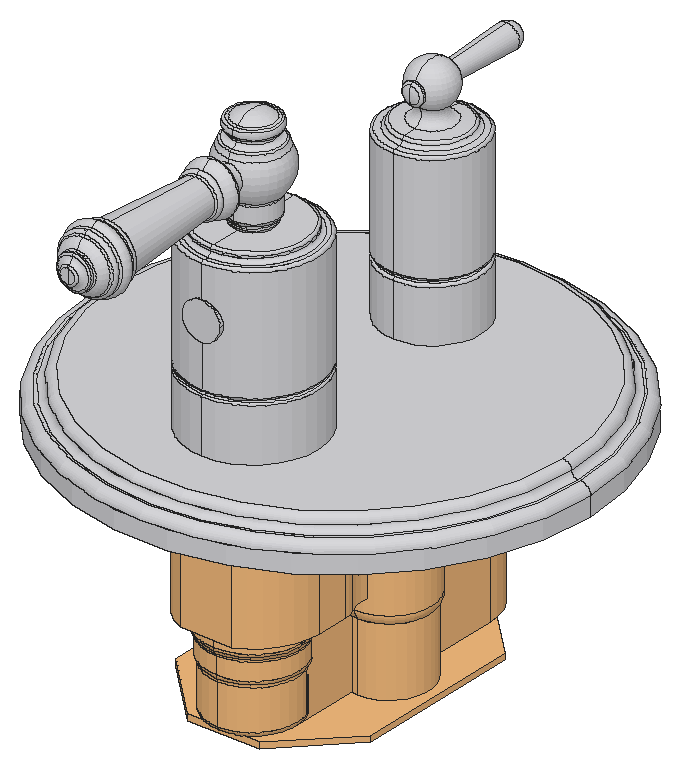
Revit family "Shower-Valve_Trim-KOHLER-ARTIFACTS-C72819W", category Plumbing Fixtures, host Face, Revit 2017 (continued)
Definition of nested family "C72819W"
  Lines and regions (in)
    symbolic lines, detail levels medium+fine
      curve 85: line (0.90625, 0, 0.59247) -> (-0.90625, 0, 0.59247)
      curve 86: line (0.90625, 0, 1.33652) -> (-0.90625, 0, 1.33652)
      curve 87: line (0.81768, 0, 1.35641) -> (-0.81768, 0, 1.35641)
      curve 88: line (0.81768, 0, 1.4036) -> (0.5894, 0, 1.4036)
      curve 89: line (0.90625, 0, 1.42354) -> (-0.90625, 0, 1.42354)
      curve 90: line (0.90625, 0, 3.01961) -> (0.523, 0, 3.01961)
      curve 91: line (0.80245, 0, 3.0572) -> (0.50541, 0, 3.0572)
      curve 92: line (0.7484, 0, 3.11124) -> (0.23949, 0, 3.11124)
      curve 93: line (0.7484, 0, 3.14238) -> (0.21116, 0, 3.14238)
      curve 94: line (0.27091, 0, 3.17531) -> (0.19567, 0, 3.17531)
      curve 95: circle (0, 0, 3.53543) r 0.17864 normal (0, -1, 0)
      curve 96: line (0.6875, 0, 0.59247) -> (0.6875, 0, 1.33652)
      curve 97: line (0.5894, 0, 1.40759) -> (0.67165, 0, 1.40759)
      curve 98: line (0.6875, 0, 1.42344) -> (0.6875, 0, 2.93035)
      curve 99: line (0.5894, 0, 1.40759) -> (0.5894, 0, 1.35641)
      curve 100: arc (0.67165, 0, 1.40759) -> (0.68286, 0, 1.41223) -> (0.6875, 0, 1.42344) r 0.01585
      curve 101: line (0.65594, 0, 2.96705) -> (0.57008, 0, 2.98006)
      curve 102: line (0.48692, 0, 3.0644) -> (0.30793, 0, 3.08322)
      curve 103: arc (0.6875, 0, 2.93035) -> (0.67853, 0, 2.95455) -> (0.65594, 0, 2.96705) r 0.03712
      curve 104: arc (0.57008, 0, 2.98006) -> (0.54098, 0, 2.99322) -> (0.523, 0, 3.01961) r 0.05899
      curve 105: arc (0.52034, 0, 3.03143) -> (0.51554, 0, 3.04586) -> (0.50541, 0, 3.0572) r 0.03761
      curve 106: arc (0.30793, 0, 3.08322) -> (0.27171, 0, 3.09234) -> (0.23949, 0, 3.11124) r 0.13202
      curve 107: arc (0.23949, 0, 3.11124) -> (0.22407, 0, 3.12568) -> (0.21116, 0, 3.14238) r 0.13202
      curve 108: arc (0.21116, 0, 3.14238) -> (0.19824, 0, 3.16784) -> (0.19109, 0, 3.19548) r 0.13202
      curve 109: arc (0.523, 0, 3.01961) -> (0.52137, 0, 3.02546) -> (0.52034, 0, 3.03143) r 0.05899
      curve 110: arc (0.50541, 0, 3.0572) -> (0.49665, 0, 3.06204) -> (0.48692, 0, 3.0644) r 0.03761
      curve 111: line (-0.6875, 0, 0.59247) -> (-0.6875, 0, 1.33643)
      curve 112: line (-0.5894, 0, 1.40759) -> (-0.67135, 0, 1.40759)
      curve 113: line (-0.6875, 0, 1.42374) -> (-0.6875, 0, 2.93035)
      curve 114: line (-0.5894, 0, 1.40759) -> (-0.5894, 0, 1.35641)
      curve 115: arc (-0.67135, 0, 1.40759) -> (-0.68277, 0, 1.41232) -> (-0.6875, 0, 1.42374) r 0.01615
      curve 116: line (-0.65594, 0, 2.96705) -> (-0.57008, 0, 2.98006)
      curve 117: line (-0.48692, 0, 3.0644) -> (-0.30793, 0, 3.08322)
      curve 118: arc (-0.6875, 0, 2.93035) -> (-0.67853, 0, 2.95455) -> (-0.65594, 0, 2.96705) r 0.03712
      curve 119: arc (-0.57008, 0, 2.98006) -> (-0.54098, 0, 2.99322) -> (-0.523, 0, 3.01961) r 0.05899
      curve 120: arc (-0.52034, 0, 3.03143) -> (-0.51554, 0, 3.04586) -> (-0.50541, 0, 3.0572) r 0.03761
      curve 121: arc (-0.30793, 0, 3.08322) -> (-0.27171, 0, 3.09234) -> (-0.23949, 0, 3.11124) r 0.13202
      curve 122: arc (-0.23949, 0, 3.11124) -> (-0.22407, 0, 3.12568) -> (-0.21116, 0, 3.14238) r 0.13202
      curve 123: arc (-0.21116, 0, 3.14238) -> (-0.20227, 0, 3.15831) -> (-0.19567, 0, 3.17531) r 0.13202
      curve 124: arc (-0.523, 0, 3.01961) -> (-0.52137, 0, 3.02546) -> (-0.52034, 0, 3.03143) r 0.05899
      curve 125: arc (-0.50541, 0, 3.0572) -> (-0.49665, 0, 3.06204) -> (-0.48692, 0, 3.0644) r 0.03761
      curve 126: line (0.5894, 0, 1.40759) -> (-0.5894, 0, 1.40759)
      curve 127: line (-0.81768, 0, 1.4036) -> (-0.5894, 0, 1.4036)
      curve 128: line (-0.90625, 0, 3.01961) -> (-0.523, 0, 3.01961)
      curve 129: line (-0.80245, 0, 3.0572) -> (-0.50541, 0, 3.0572)
      curve 130: line (-0.7484, 0, 3.11124) -> (-0.23949, 0, 3.11124)
      curve 131: line (-0.7484, 0, 3.14238) -> (-0.21116, 0, 3.14238)
      curve 132: line (0.3065, 0, 4.48586) -> (-0.3065, 0, 4.48586)
      curve 133: line (0.32752, 0, 4.35413) -> (-0.32752, 0, 4.35413)
      curve 134: line (0.37527, 0, 4.23542) -> (-0.37527, 0, 4.23542)
      curve 135: line (0.34057, 0, 3.3095) -> (0.23004, 0, 3.3095)
      curve 136: line (-0.34057, 0, 3.3095) -> (-0.23004, 0, 3.3095)
      curve 137: line (-0.27091, 0, 3.17531) -> (-0.19567, 0, 3.17531)
      curve 138: line (0.6875, 0, 2.93035) -> (-0.6875, 0, 2.93035)
      curve 139: line (0.57008, 0, 2.98006) -> (-0.57008, 0, 2.98006)
      curve 140: line (0.52034, 0, 3.03143) -> (-0.52034, 0, 3.03143)
      curve 141: line (0.30793, 0, 3.08322) -> (-0.30793, 0, 3.08322)
      curve 142: line (0.8075, 0, -3.01252) -> (0.8075, 0, -0.86614)
      curve 143: line (0.74744, 0, -0.62446) -> (0.74744, 0, -0.86614)
      curve 144: spline (0.78893, 0, -0.57006) -> (0.7844, 0, -0.57247) -> (0.77997, 0, -0.57534) -> (0.77568, 0, -0.57867) -> (0.77155, 0, -0.58243) -> (0.76761, 0, -0.5866) -> (0.76389, 0, -0.59115) -> (0.76041, 0, -0.59604) -> (0.7572, 0, -0.60124) -> (0.75428, 0, -0.60673) -> (0.75167, 0, -0.61245) -> (0.74938, 0, -0.61838) -> (0.74744, 0, -0.62446)
      curve 145: line (0.78893, 0, -0.57006) -> (0.6875, 0, -0.57006)
      curve 146: line (0.31178, 0, -3.01252) -> (0.31178, 0, -0.86614)
      curve 147: line (0.8075, 0, -0.86614) -> (-0.8075, 0, -0.86614)
      curve 148: line (-1.24302, 0, -3.01252) -> (1.24302, 0, -3.01252)
      curve 149: line (1.2936, 0, -1.22986) -> (0.8075, 0, -1.22986)
      curve 150: line (1.24302, 0, -2.04881) -> (0.8075, 0, -2.04881)
      curve 151: line (0.6875, 0, -0.86614) -> (0.6875, 0, -0.08678)
      curve 152: line (0.73605, 0, -0.54415) -> (0.6875, 0, -0.54415)
      curve 153: line (0.74252, 0, -0.4529) -> (0.6875, 0, -0.4529)
      curve 154: line (-0.8075, 0, -3.01252) -> (-0.8075, 0, -0.86614)
      curve 155: line (-0.74744, 0, -0.62446) -> (-0.74744, 0, -0.86614)
      curve 156: spline (-0.78893, 0, -0.57006) -> (-0.7844, 0, -0.57247) -> (-0.77997, 0, -0.57534) -> (-0.77568, 0, -0.57867) -> (-0.77155, 0, -0.58243) -> (-0.76761, 0, -0.5866) -> (-0.76389, 0, -0.59115) -> (-0.76041, 0, -0.59604) -> (-0.7572, 0, -0.60124) -> (-0.75428, 0, -0.60673) -> (-0.75167, 0, -0.61245) -> (-0.74938, 0, -0.61838) -> (-0.74744, 0, -0.62446)
      curve 157: line (-0.78893, 0, -0.57006) -> (-0.6875, 0, -0.57006)
      curve 158: line (-0.31178, 0, -3.01252) -> (-0.31178, 0, -0.86614)
      curve 159: line (-1.2936, 0, -1.22986) -> (-0.8075, 0, -1.22986)
      curve 160: line (-1.24302, 0, -2.04881) -> (-0.8075, 0, -2.04881)
      curve 161: line (-0.73605, 0, -0.54415) -> (-0.6875, 0, -0.54415)
      curve 162: line (-0.74252, 0, -0.4529) -> (-0.6875, 0, -0.4529)
      curve 163: line (-0.6875, 0, -0.86614) -> (-0.6875, 0, -0.08678)
      curve 164: line (0.48257, 0, -3.09375) -> (0.48257, 0, -3.01252)
      curve 165: line (-0.48174, 0, -3.09375) -> (-0.48174, 0, -3.01252)
      curve 166: line (-0.32931, -3.51586, 0) -> (-0.26181, -2.55069, 0)
      curve 167: arc (-0.26, -2.42488, 0) -> (-0.30923, -2.46412, 0) -> (-0.28042, -2.52009, 0) r 0.04965
      curve 168: arc (-0.26181, -2.55069, 0) -> (-0.26625, -2.53243, 0) -> (-0.28042, -2.52009, 0) r 0.031
      curve 169: arc (-0.19373, -1.98147, 0) -> (-0.20558, -2.07631, 0) -> (-0.25118, -2.16032, 0) r 0.25772
      curve 170: arc (-0.26, -2.42488, 0) -> (-0.29675, -2.40435, 0) -> (-0.32794, -2.37608, 0) r 0.1862
      curve 171: arc (-0.35768, -2.23775, 0) -> (-0.36998, -2.24777, 0) -> (-0.37405, -2.26309, 0) r 0.02571
      curve 172: line (0.32931, -3.51586, 0) -> (0.26181, -2.55069, 0)
      curve 173: arc (0.26, -2.42488, 0) -> (0.30923, -2.46412, 0) -> (0.28042, -2.52009, 0) r 0.04965
      curve 174: arc (0.26181, -2.55069, 0) -> (0.26625, -2.53243, 0) -> (0.28042, -2.52009, 0) r 0.031
      curve 175: arc (0.19373, -1.98147, 0) -> (0.20558, -2.07631, 0) -> (0.25118, -2.16032, 0) r 0.25772
      curve 176: arc (0.26, -2.42488, 0) -> (0.29675, -2.40435, 0) -> (0.32794, -2.37608, 0) r 0.1862
      curve 177: arc (0.35768, -2.23775, 0) -> (0.36998, -2.24777, 0) -> (0.37405, -2.26309, 0) r 0.02571
      curve 178: arc (0.19373, -1.98147, 0) -> (0, -1.04112, 0) -> (-0.19373, -1.98147, 0) r 0.49013
      curve 179: circle (0, -1.53125, 0) r 0.35879 normal (0, 0, 1)
      curve 180: arc (0.31066, -2.21369, 0) -> (0, -0.78143, 0) -> (-0.31066, -2.21369, 0) r 0.74982
      curve 181: arc (0.32794, -2.37608, 0) -> (0, -0.625, 0) -> (-0.32794, -2.37608, 0) r 0.90625
      curve 182: line (-0.19373, -1.98147, 0) -> (0.19373, -1.98147, 0)
      curve 183: line (-0.26, -2.42488, 0) -> (0.26, -2.42488, 0)
      curve 184: line (0.17855, 2.93067, 0) -> (0.12585, 1.92501, 0)
      curve 185: arc (0.11979, 1.25059, 0) -> (0.06104, 1.23302, 0) -> (0, 1.22709, 0) r 0.31705
      curve 186: arc (0.15304, 1.28326, 0) -> (0.13964, 1.26365, 0) -> (0.11979, 1.25059, 0) r 0.06141
      curve 187: arc (0.14158, 1.31937, 0) -> (0.15402, 1.30345, 0) -> (0.15304, 1.28326, 0) r 0.02899
      curve 188: arc (0.13351, 1.32832, 0) -> (0.1369, 1.32327, 0) -> (0.14158, 1.31937, 0) r 0.02135
      curve 189: arc (0.13351, 1.32832, 0) -> (0.32531, 1.62918, 0) -> (0.12585, 1.92501, 0) r 0.32534
      curve 190: line (-0.17855, 2.93067, 0) -> (-0.12585, 1.92501, 0)
      curve 191: arc (-0.11979, 1.25059, 0) -> (-0.06104, 1.23302, 0) -> (0, 1.22709, 0) r 0.31705
      curve 192: arc (-0.15304, 1.28326, 0) -> (-0.13964, 1.26365, 0) -> (-0.11979, 1.25059, 0) r 0.06141
      curve 193: arc (-0.14158, 1.31937, 0) -> (-0.15402, 1.30345, 0) -> (-0.15304, 1.28326, 0) r 0.02899
      curve 194: arc (-0.13351, 1.32832, 0) -> (-0.1369, 1.32327, 0) -> (-0.14158, 1.31937, 0) r 0.02135
      curve 195: arc (-0.12585, 1.92501, 0) -> (-0.32531, 1.62918, 0) -> (-0.13351, 1.32832, 0) r 0.32534
      curve 196: line (-0.12585, 1.92501, 0) -> (0.12585, 1.92501, 0)
      curve 197: line (-0.13351, 1.32832, 0) -> (0.13351, 1.32832, 0)
      curve 198: arc (0.32235, -3.41637, 0) -> (0, 3.43154, 0) -> (-0.32235, -3.41637, 0) r 3.43154
      curve 199: arc (0.32616, -3.47085, 0) -> (0, 3.48614, 0) -> (-0.32616, -3.47085, 0) r 3.48614
      curve 200: arc (0.32068, -3.39245, 0) -> (0, 3.40757, 0) -> (-0.32068, -3.39245, 0) r 3.40757
      curve 201: arc (0.25118, -2.16032, 0) -> (0, -0.85389, 0) -> (-0.25118, -2.16032, 0) r 0.67736
      curve 202: arc (-0.14013, 2.1975, 0) -> (0, 1.0356, 0) -> (0.14013, 2.1975, 0) r 0.5894
      curve 203: arc (-0.13669, 2.13192, 0) -> (0, 1.09997, 0) -> (0.13669, 2.13192, 0) r 0.52503
      curve 204: line (-0.26181, -2.55069, 0) -> (0.26181, -2.55069, 0)
      curve 205: line (-0.38776, -4.10097, 0) -> (0.38776, -4.10097, 0)
      curve 206: line (-0.36841, -4.07503, 0) -> (0.36841, -4.07503, 0)
      curve 207: line (-0.41347, -4.1726, 0) -> (0.41347, -4.1726, 0)
      curve 208: line (-0.42374, -4.2138, 0) -> (0.42374, -4.2138, 0)
      curve 209: line (-0.42248, -4.38283, 0) -> (0.42248, -4.38283, 0)
      curve 210: line (-0.41298, -4.42258, 0) -> (0.41298, -4.42258, 0)
      curve 211: line (-0.3856, -4.49516, 0) -> (0.3856, -4.49516, 0)
      curve 212: line (-0.36349, -4.51633, 0) -> (0.36349, -4.51633, 0)
      curve 213: line (-0.24038, -4.66467, 0) -> (0.24038, -4.66467, 0)
      curve 214: line (-0.24038, -4.69653, 0) -> (0.24038, -4.69653, 0)
      curve 215: line (-0.12809, -4.81142, 0) -> (0.12805, -4.81235, 0)
      curve 216: line (-0.25608, -4.63911, 0) -> (0.25608, -4.63911, 0)
      curve 217: line (-0.14158, 1.31937, 0) -> (0.14158, 1.31937, 0)
      curve 218: arc (-0.17855, 2.93067, 0) -> (-0.13034, 3.06509, 0) -> (-0.00071, 3.125, 0) r 0.18478
      curve 219: arc (-0.00071, 3.125, 0) -> (0.1336, 3.06904, 0) -> (0.17855, 2.93067, 0) r 0.17415
      curve 220: arc (0.6875, 0, 1.33652) -> (0.68062, 0, 1.35165) -> (0.6647, 0, 1.35641) r 0.02008
      curve 221: arc (-0.6875, 0, 1.33643) -> (-0.67979, 0, 1.35245) -> (-0.66246, 0, 1.35641) r 0.02049
      curve 222: line (0, -1.87182, 3.31136) -> (0, -1.19068, 3.31136)
      curve 223: line (-0.29108, 0, 3.22899) -> (-0.19051, 0, 3.22899)
      curve 224: line (-0.29108, 0, 3.19548) -> (-0.19109, 0, 3.19548)
      curve 225: line (0.29108, 0, 3.22899) -> (0.19051, 0, 3.22899)
      curve 226: line (0.29108, 0, 3.19548) -> (0.19109, 0, 3.19548)
      curve 227: arc (0.19109, 0, 3.19548) -> (0.18973, 0, 3.21221) -> (0.19051, 0, 3.22899) r 0.13202
      curve 228: arc (0.19051, 0, 3.22899) -> (0.20323, 0, 3.2727) -> (0.23004, 0, 3.3095) r 0.13202
      curve 229: arc (-0.19051, 0, 3.22899) -> (-0.20323, 0, 3.2727) -> (-0.23004, 0, 3.3095) r 0.13202
      curve 230: arc (-0.19109, 0, 3.19548) -> (-0.18973, 0, 3.21221) -> (-0.19051, 0, 3.22899) r 0.13202
      curve 231: arc (-0.19567, 0, 3.17531) -> (-0.19298, 0, 3.1853) -> (-0.19109, 0, 3.19548) r 0.13202
      curve 232: line (0, 2.3125, -0.08678) -> (0, 0.9375, -0.08678)
      curve 233: line (0, -0.68034, -0.08678) -> (0, -2.38216, -0.08678)
      curve 234: arc (0, -2.4375, 2.59952) -> (0, -2.42101, 2.30909) -> (0, -2.4375, 2.01866) r 2.56565
      curve 235: arc (0.32794, -2.37608, 0) -> (0.36051, -2.32347, 0) -> (0.37405, -2.26309, 0) r 0.1862
      curve 236: arc (0.31066, -2.21369, 0) -> (0.33355, -2.22692, 0) -> (0.35768, -2.23775, 0) r 0.25772
      curve 237: arc (0.25118, -2.16032, 0) -> (0.27884, -2.18932, 0) -> (0.31066, -2.21369, 0) r 0.25772
      curve 238: arc (-0.25118, -2.16032, 0) -> (-0.27884, -2.18932, 0) -> (-0.31066, -2.21369, 0) r 0.25772
      curve 239: arc (-0.31066, -2.21369, 0) -> (-0.33355, -2.22692, 0) -> (-0.35768, -2.23775, 0) r 0.25772
      curve 240: arc (-0.32794, -2.37608, 0) -> (-0.36051, -2.32347, 0) -> (-0.37405, -2.26309, 0) r 0.1862
      curve 241: arc (0.6875, 1.625, 0) -> (0.48614, 1.13886, 0) -> (0, 0.9375, 0) r 0.6875
      curve 242: arc (0, 0.9375, 0) -> (-0.48614, 1.13886, 0) -> (-0.6875, 1.625, 0) r 0.6875
      curve 243: arc (-0.6875, 1.625, 0) -> (-0.53506, 2.0567, 0) -> (-0.14534, 2.29696, 0) r 0.6875
      curve 244: arc (0.6875, 1.625, 0) -> (0.53506, 2.0567, 0) -> (0.14534, 2.29696, 0) r 0.6875
      curve 252: line (0.85107, 0, -0.08678) -> (-0.85107, 0, -0.08678)
      curve 253: line (0, 1.85475, 3.31108) -> (0, 1.39525, 3.31108)
      curve 254: line (0, -1.19068, 3.53618) -> (0, -1.87182, 3.53618)
      curve 255: line (-0.30935, 0, 3.53544) -> (-0.34058, 0, 3.53544)
      curve 256: line (0.30935, 0, 3.53544) -> (0.34058, 0, 3.53544)
      curve 257: arc (0, 0, 3.84375) -> (0.2147, 0, 3.74983) -> (0.30935, 0, 3.53544) r 0.32292
      curve 258: arc (0.30935, 0, 3.53544) -> (0.29154, 0, 3.41481) -> (0.23004, 0, 3.3095) r 0.32117
      curve 259: arc (-0.30935, 0, 3.53544) -> (-0.22211, 0, 3.75726) -> (0, 0, 3.84375) r 0.29736
      curve 260: arc (-0.23004, 0, 3.3095) -> (-0.28676, 0, 3.41648) -> (-0.30935, 0, 3.53544) r 0.40528
    symbolic lines, detail levels coarse
      curve 245: line (0.44954, 0, -1.43959) -> (0.44954, 0, -1.76885)
      curve 246: line (-0.44954, 0, -1.43959) -> (-0.44954, 0, -1.76885)
      curve 247: line (0.44954, 0, -1.76885) -> (-0.44954, 0, -1.43959)
      curve 248: line (0.44954, 0, -1.43959) -> (-0.44954, 0, -1.76885)
      curve 249: line (0, 0, -1.60422) -> (0, 0, -2.10422)
      curve 250: line (-0.31178, 0, -2.10422) -> (0.31178, 0, -2.10422)
      curve 251: arc (0.31178, 0, -2.10422) -> (0, 0, -2.27541) -> (-0.31178, 0, -2.10422) r 0.36952
  Dimensions and locks (in)
    locked: plane 8 to plane 2 at 0.5925
    locked: plane 9 to plane 2 at 3.90554
    locked: plane 10 to plane 2 at 4.59375
    locked: plane 12 to plane 11 at 3.15625
    plane 11 to plane 13 = 3.30709"
    locked: plane 14 to plane 12 at 1.49606
    aligned and locked: plane 2 to level
